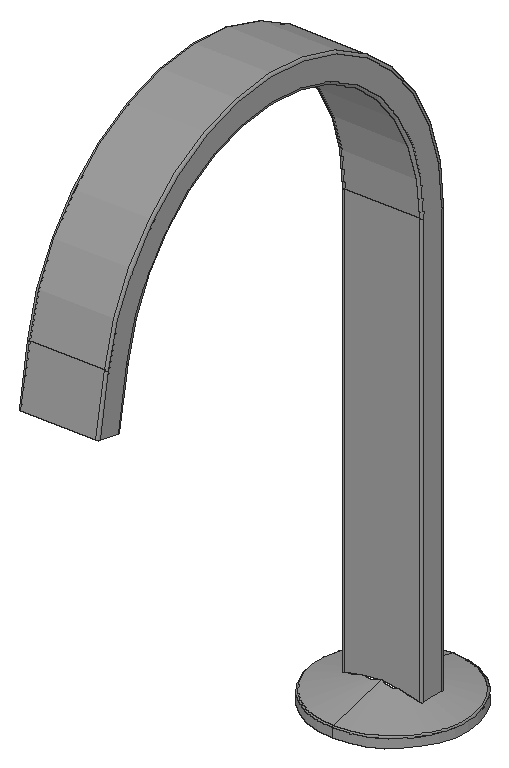
Revit family "Faucet-Lavatory-Spout-KOHLER-COMPONENTS-K-77968T", category Plumbing Fixtures, host Face, Revit 2017
Family settings
  Host = Face
  Round Connector Dimension = Use Diameter
  Part Type = Normal
  OmniClass Number = 23.31.11.00
  OmniClass Title = Faucets
  Cut with Voids When Loaded = No
  Shared = No
  Room Calculation Point = No
Parameters (values of type "Not A Type-See Type Catalog")
  Width = 2 93/256"  # constant formula
  WaterSense Certified = 1 = 0  # no
  Waste Water Outlet = "Waste Water Outlet"  # constant formula
  Waste Connection = 1 = 0  # no
  Vent Connection = 1 = 0  # no
  URL = "http://www.kohler.com.cn/"
  Type = 1
  Spout Reach = Length  # 6 5/16"
  Product Page URL = "https://www.kohler.com.cn/product/K-77968T-MU-BL/K-77968T-MU-BL/"
  Product Name = "COMPONENTS"  # constant formula
  Product Documentation Link = "https://files.kohler.com.cn/pdfs/1565148624807_1287329-2-C(77965T%2077966T%2023887T%2077967T%2077968T%2077969T%20%2077990T-4%20%2077990T-8&8MU%20%2077990T-9).pdf"
  Pressure = 0.00 psi
  Model = if(Type = 1, "K-77968T-AF", if(Type = 2, "K-77968T-BN", if(Type = 3, "K-77968T-RGD", if(Type = 4, "K-77968T-CP", if(Type = 5, "K-77968T-TT", if(Type = 6, "K-77968T-2BL", if(Type = 7, "K-77968T-MU-BL", if(Type = 8, "K-77968T-ND-AF", if(Type = 9, "K-77968T-ND-BN", if(Type = 10, "K-77968T-ND-RGD", if(Type = 11, "K-77968T-ND-CP", if(Type = 12, "K-77968T-ND-TT", if(Type = 13, "K-77968T-ND-2BL", "NA")))))))))))))  # "K-77968T-AF"
  Material = "Metal construction"  # constant formula
  Master Format 2014 Name = "Residential Faucets, Supplies, and Trim"  # constant formula
  Master Format 2014 = "22 41 39"  # constant formula
  Manufacturer Address = "Kohler Beijing Office (100016) 36-2-03-B, No. 88, Liuxiang Road, Beijing"  # constant formula
  Manufacturer = "KOHLER Co."  # constant formula
  Length = 6 5/16"  # constant formula
  Hot Water Inlet = "Hot Water Inlet"  # constant formula
  Height = 10 3/8"  # constant formula
  HW Connection = 1 = 0  # no
  Flow Rate = 0 GPM
  Finish = Default
  Environmental Product Declaration = ""
  Drain Included = if(or(Type = 1, Type = 2, Type = 3, Type = 4, Type = 5, Type = 6, Type = 7), 1 = 1, 1 = 0)  # yes
  Description = "Yi Ting 8-inch basin faucet curve spout"  # constant formula
  Default Elevation = 36"
  Declare Label = ""
  Date Modified = "01/15/2021"  # constant formula
  Date Created = "01/15/2021"  # constant formula
  Copyright = "Copyright KOHLER Co."  # constant formula
  Contact Us = "http://www.kohler.com.cn/contact/contact-us/\r\n\\"
  Cold Water Inlet = "Cold Water Inlet"  # constant formula
  CW Connection = 1 = 0  # no
  Assembly Code = "D2010"
  ADA Compliant = 1 = 0  # no
Reference planes (in)
  plane 1 "Center (Front/Back)": y = 0
  plane 2: z = 0
  plane 3 "Center (Left/Right)": x = 0
  plane 4: x = 1.18164
  plane 5: x = -1.18164
  plane 6: y = 1.1811
  plane 7: y = -1.1811
  plane 8: x = -0.62992
  plane 9: x = 0.62992
  plane 10: z = 10.375
  plane 11: y = -6.3125
  plane 12: z = 6.6875
  plane 13: through (0, -6.52575, 5.48009) normal (0, 0.9848, -0.1736)
  plane 14: y = -0.21654
  plane 15: y = 0.21654
Dimensions and locks (in)
  "Width": plane 5 to plane 4
  equal spacing: plane 5, plane 3 "Center (Left/Right)", plane 4
  equal spacing: plane 7, plane 1 "Center (Front/Back)", plane 6
  locked: plane 7 to plane 6 at 2.3622
  locked: plane 8 to plane 9 at 1.25984
  equal spacing: plane 8, plane 3 "Center (Left/Right)", plane 9
  "Length": plane 1 "Center (Front/Back)" to plane 11
  locked: level to plane 12 at 6.6875
  "Height": level to plane 10
  locked: nested 1 to nested 1 at 0.43307
  locked: plane 11 to plane 13 (angle 10.0001°)
  aligned and locked: plane 2 to host face
  aligned and locked: level to host face
  aligned and locked: plane 3 "Center (Left/Right)" to nested 1
  aligned and locked: plane 1 "Center (Front/Back)" to nested 1
  aligned and locked: plane 4 to nested 1
  aligned and locked: plane 5 to nested 1
  aligned and locked: plane 6 to nested 1
  aligned and locked: plane 7 to nested 1
  aligned and locked: plane 8 to nested 1
  aligned and locked: plane 9 to nested 1
  aligned and locked: plane 10 to nested 1
  aligned and locked: plane 11 to nested 1
  aligned and locked: plane 12 to nested 1
  aligned and locked: plane 13 to nested 1
  aligned and locked: plane 14 to nested 1
  aligned and locked: plane 15 to nested 1
Automatic sketch dimensions
  host sketch curve to host sketch curve = 96"  (x2)
Nested families (in)
  nested 1: "K-77968T" at (0.00054, 0, 0), type "K-77968T"
Definition of nested family "K-77968T"
  Parameters (values of type "K-77968T")
    Material = none
  Reference planes (in)
    plane 1 "Center (Front/Back)": y = 0
    plane 2: z = 0
    plane 3 "Center (Left/Right)": x = 0
    plane 4: z = 10.375
    plane 5: y = -6.3125
    plane 6: z = 6.6875
    plane 7: z = 10.15846
    plane 8: x = -1.1811
    plane 9: x = -0.62992
    plane 10: x = 1.1811
    plane 11: x = 0.62992
    plane 12: y = 1.1811
    plane 13: y = -1.1811
    plane 14: y = 0.21654
    plane 15: y = -0.21654
    plane 16: through (0, -6.31283, 6.68756) normal (0, -0.9848, 0.1736)
  Forms (in)
    Sweep 1, solid, material <- "Material", detail levels medium+fine
      path origin (0, 0, 0) x (0, 1, 0) y (0, 0, 1)
        loop
          line (0, 0.17727) -> (0, 7.05692)
          arc (0, 7.05692) -> (-2.82961, 10.1449) -> (-6.15245, 7.5952) r 3.09977
          line (-6.15245, 7.5952) -> (-6.3125, 6.6875)
      profile origin (0, 0, 0.17727) x (0, -1, 0) y (1, 0, 0)
        loop
          line (0.17717, 0.625) -> (-0.17717, 0.625)
          arc (-0.17717, 0.625) -> (-0.205, 0.61347) -> (-0.21654, 0.58563) r 0.03937
          line (-0.21654, 0.58563) -> (-0.21654, -0.58563)
          arc (-0.21654, -0.58563) -> (-0.205, -0.61347) -> (-0.17717, -0.625) r 0.03937
          line (-0.17717, -0.625) -> (0.17717, -0.625)
          arc (0.17717, -0.625) -> (0.205, -0.61347) -> (0.21654, -0.58563) r 0.03937
          line (0.21654, -0.58563) -> (0.21654, 0.58563)
          arc (0.21654, 0.58563) -> (0.205, 0.61347) -> (0.17717, 0.625) r 0.03937
    Revolve 2, solid, material <- "Material", detail levels medium+fine
      sketch origin (0, 0, 0) x (0, 1, 0) y (0, 0, 1)
        loop
          line (0, 0) -> (1.18111, 0) -> (1.18111, 0.13926)
          arc (1.18111, 0.13926) -> (1.17614, 0.15359) -> (1.16338, 0.16177) r 0.02316
          line (1.16338, 0.16177) -> (0, 0.4424) -> (0, 0)
        axis (0, 0.4424) -> (0, 0)
      angle from 0 to 360
    Extrusion 3, solid, material <- "Material", detail levels coarse
      sketch origin (0, 0, 0) x (1, 0, 0) y (0, 1, 0)
        loop
          circle (0, 0) r 1.1811
      from 0 to 0.32403
    Extrusion 4, solid, material <- "Material", detail levels coarse
      sketch origin (0, 0, 0) x (0, 1, 0) y (0, 0, 1)
        loop
          arc (-5.9394, 7.56037) -> (-2.84857, 9.93205) -> (-0.21654, 7.05968) r 2.88334
          line (-0.21654, 7.05968) -> (-0.21654, 0.19919) -> (0.21654, 0.19919) -> (0.21654, 7.05892)
          arc (0.21654, 7.05892) -> (-2.81057, 10.36243) -> (-6.36535, 7.63476) r 3.31613
          line (-6.36535, 7.63476) -> (-6.52575, 6.7251) -> (-6.09992, 6.65002) -> (-5.9394, 7.56037)
      from -0.625 to 0.625
  Cuts and joins
    joined: Extrusion 3, Extrusion 4
    joined: Sweep 1, Revolve 2
  Lines and regions (in)
    Masking region 1
      outline origin (0, 0, 0) x (0, 1, 0) y (0, 0, 1)
        loop
          line (1.18111, 0) -> (1.18111, 0.13933)
          arc (1.18111, 0.13933) -> (1.17617, 0.1536) -> (1.16346, 0.16175) r 0.02306
          line (1.16346, 0.16175) -> (0.21654, 0.39061) -> (0.21654, 7.05892)
          arc (0.21654, 7.05892) -> (-2.81057, 10.36243) -> (-6.36535, 7.63476) r 3.31613
          line (-6.36535, 7.63476) -> (-6.52575, 6.7251) -> (-6.09992, 6.65002) -> (-5.9394, 7.56037)
          arc (-5.9394, 7.56037) -> (-2.84857, 9.93205) -> (-0.21654, 7.05968) r 2.88334
          line (-0.21654, 7.05968) -> (-0.21654, 0.39061) -> (-1.16346, 0.16175)
          arc (-1.16346, 0.16175) -> (-1.17617, 0.1536) -> (-1.18111, 0.13933) r 0.02306
          line (-1.18111, 0.13933) -> (-1.18111, 0) -> (1.18111, 0)
    Masking region 2
      outline origin (0.0064, 0, 0) x (1, 0, 0) y (0, 0, 1)
        loop
          line (-0.63632, 0.29379) -> (-1.16986, 0.16175)
          arc (-1.16986, 0.16175) -> (-1.18256, 0.1536) -> (-1.1875, 0.13933) r 0.02306
          line (-1.1875, 0.13933) -> (-1.1875, 0) -> (1.1747, 0) -> (1.1747, 0.14242)
          arc (1.1747, 0.14242) -> (1.16976, 0.15669) -> (1.15706, 0.16484) r 0.02306
          line (1.15706, 0.16484) -> (0.62352, 0.29379) -> (0.62352, 10.33563)
          arc (0.62352, 10.33563) -> (0.61199, 10.36347) -> (0.58415, 10.375) r 0.03937
          line (0.58415, 10.375) -> (-0.59695, 10.375)
          arc (-0.59695, 10.375) -> (-0.62479, 10.36347) -> (-0.63632, 10.33563) r 0.03937
          line (-0.63632, 10.33563) -> (-0.63632, 0.2907)
    Masking region 3
      outline origin (0, 0, 0) x (1, 0, 0) y (0, 1, 0)
        loop
          arc (0.62992, -0.99912) -> (0, 1.18108) -> (-0.62992, -0.99912) r 1.1811
          line (-0.62992, -0.99912) -> (-0.62992, -6.52575) -> (0.62992, -6.52575) -> (0.62992, -0.99912)
    symbolic lines, detail levels medium+fine
      curve 1: line (0, -0.21654, 0.39061) -> (0, -0.21654, 0.27167)
      curve 2: line (0, -0.21654, 0.27167) -> (0, 0.21654, 0.27167)
      curve 3: line (0, 0.21654, 0.27167) -> (0, 0.21654, 0.39061)
      curve 4: line (-0.59055, 0.21654, 0) -> (0.59055, 0.21654, 0)
      curve 5: line (0.62992, -1.00218, 0) -> (0.62992, 0.17717, 0)
      curve 6: line (-0.62992, 0.17717, 0) -> (-0.62992, -1.00218, 0)
      curve 7: line (0, 1.18111, 0.13933) -> (0, -1.18111, 0.13933)
      curve 8: line (0.62992, 0, 6.7251) -> (-0.62992, 0, 6.7251)
      curve 9: line (-0.62992, 0, 6.6499) -> (0.62992, 0, 6.6499)
      curve 10: line (-1.1811, 0, 0.13933) -> (1.1811, 0, 0.13933)
      curve 11: arc (-0.59055, 0.21654, 0) -> (-0.61839, 0.205, 0) -> (-0.62992, 0.17717, 0) r 0.03937
      curve 12: arc (0.59055, 0.21654, 0) -> (0.61839, 0.205, 0) -> (0.62992, 0.17717, 0) r 0.03937
      curve 13: line (-0.21206, 0, 1.26981) -> (0.21654, 0, 1.26981)
      curve 14: line (-0.21206, 0, 1.19701) -> (-0.21206, 0, 1.26981)
      curve 15: line (0.21654, 0, 1.19701) -> (-0.21206, 0, 1.19701)
      curve 16: line (0.21654, 0, 1.26981) -> (0.21654, 0, 1.19701)
      curve 17: arc (0.62992, 0, 0.29379) -> (0, 0, 0.39921) -> (-0.62992, 0, 0.29379) r 1.93477
  Dimensions and locks (in)
    plane 1 "Center (Front/Back)" to plane 5 = 6 5/16"
    level to plane 4 = 10 3/8"
    plane 8 to plane 10 = 2.3622"
    plane 4 to level = 10 3/8"
    plane 6 to level = 6 11/16"
    plane 12 to plane 13 = 2.3622"
    aligned and locked: plane 2 to level
Types in the file's own list only (13): name | Width | Type | Product Page URL | Product Documentation Link | Model | Finish | Drain Included
  AF- Flange Gold | 2 3/8" | 1 | "https://www.kohler.com.cn/product/K-77968T-AF/K-77968T-AF/" | "https://files.kohler.com.cn/pdfs/1558597636718_1287329-2-A(77965T%2077966T%2023887T...).pdf" | "K-77968T-AF" | Kohler-Metal-AF-Flange_Gold | Yes
  BN- Roman Silver | 2 3/8" | 2 | "https://www.kohler.com.cn/product/K-77968T-AF/K-77968T-BN/" | "https://files.kohler.com.cn/pdfs/1558597636718_1287329-2-A(77965T%2077966T%2023887T...).pdf" | "K-77968T-BN" | Kohler-Metal-BN-Roman_Silver | Yes
  RGD- Rose Gold | 2 3/8" | 3 | "https://www.kohler.com.cn/product/K-77968T-AF/K-77968T-RGD/" | "https://files.kohler.com.cn/pdfs/1558597636718_1287329-2-A(77965T%2077966T%2023887T...).pdf" | "K-77968T-RGD" | Kohler-Metal-RGD-Rose_Gold | Yes
  CP- Polished Chrome | 2 3/8" | 4 | "https://www.kohler.com.cn/product/K-77968T-AF/K-77968T-CP/" | "https://files.kohler.com.cn/pdfs/1558597636718_1287329-2-A(77965T%2077966T%2023887T...).pdf" | "K-77968T-CP" | Kohler-Metal-CP-Polished_Chrome | Yes
  TT- Titanium Silver | 2 3/8" | 5 | "https://www.kohler.com.cn/product/K-77968T-AF/K-77968T-TT/" | "https://files.kohler.com.cn/pdfs/1558597636718_1287329-2-A(77965T%2077966T%2023887T...).pdf" | "K-77968T-TT" | Kohler-Metal-TT-Titanium_Silver | Yes
  2BL- Original Black | 2 3/8" | 6 | "https://www.kohler.com.cn/product/K-77968T-AF/K-77968T-2BL/" | "https://files.kohler.com.cn/pdfs/1558597636718_1287329-2-A(77965T%2077966T%2023887T...).pdf" | "K-77968T-2BL" | Kohler-Metal-2BL-Original_Black | Yes
  Without Drain,AF- Flange Gold | 2 3/8" | 8 |  |  | "K-77968T-ND-AF" | Kohler-Metal-AF-Flange_Gold | No
  Without drain, BN- Roman Silver | 2 3/8" | 9 |  |  | "K-77968T-ND-BN" | Kohler-Metal-BN-Roman_Silver | No
  Without drain, RGD- Rose Gold | 2 3/8" | 10 |  |  | "K-77968T-ND-RGD" | Kohler-Metal-RGD-Rose_Gold | No
  Without drain, CP- Polished Chrome | 2 3/8" | 11 |  |  | "K-77968T-ND-CP" | Kohler-Metal-CP-Polished_Chrome | No
  Without Drain, TT- Titanium Silver | 2 3/8" | 12 |  |  | "K-77968T-ND-TT" | Kohler-Metal-TT-Titanium_Silver | No
  Without drain, 2BL- Original Black | 2 3/8" | 13 |  |  | "K-77968T-ND-2BL" | Kohler-Metal-2BL-Original_Black | No
  MU(Limited Edition), BL- Matte Black | 2 3/8" | 7 | "https://www.kohler.com.cn/product/K-77968T-MU-BL/K-77968T-MU-BL/" | "https://files.kohler.com.cn/pdfs/1565148624807_1287329-2-C(77965T%2077966T%2023887T%2077967T%2077968T%2077969T%20%2077990T-4%20%2077990T-8&8MU%20%2077990T-9).pdf" | "K-77968T-MU-BL" | Kohler-Metal-BL-Matte_Black | Yes
